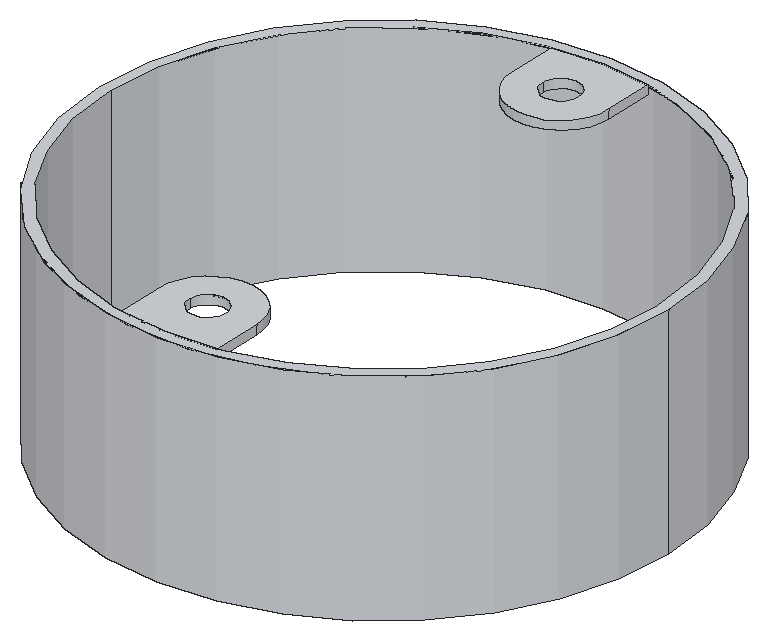
Revit family "SR25G", category Generic Models, Revit 2017
Family settings
  Can host rebar = No
  Round Connector Dimension = Use Diameter
  Part Type = Normal
  Work Plane-Based = Yes
  Always vertical = No
  Cut with Voids When Loaded = No
  Shared = No
  Room Calculation Point = No
Parameters (values of type "NBS Standard Parameters")
  Weight = "0.0575Kg"
  WarrantyStartDate [instance] = "1900-12-31T23:59:59"
  WarrantyGuarantorParts = "n/a"
  WarrantyGuarantorLabor = "n/a"
  WarrantyDurationUnit = "1 year"
  WarrantyDurationParts = "n/a"
  WarrantyDurationLabor = "n/a"
  WarrantyDescription = "n/a"
  Version = "1"
  Uniclass2 = "Pr_65_70_11_20"
  TagNumber [instance] = "n/a"
  SustainabilityPerformance = "n/a"
  Size = "25mm"
  Shape = "Circular"
  SerialNumber [instance] = "n/a"
  Revision = "n/a"
  ReplacementCost = "n/a"
  ProductInformation = "www.metpro.co.uk/pdf/sr25g.pdf"
  NominalWidth = 65 mm
  NominalLength = 65 mm
  NominalHeight = 25 mm
  Name = ""
  NBSTypeID = ""
  NBSReference = "90-55-10/460"
  NBSOfficeMasterTag = ""
  NBSNote = ""
  NBSDescription = "Conduit Fittings"
  NBSCertification = ""
  ModelReference = "SR25G"
  ModelNumber = "n/a"
  Material = "Steel"
  ManufacturerURL = "www.metpro.co.uk"
  ManufacturerName = "Metpro Ltd"
  InstallationDate [instance] = "1900-12-31T23:59:59"
  IfcExportType = ""
  IfcExportAs = ""
  Grade = "n/a"
  Finish = "BZP"
  Features = "n/a"
  ExpectedLife = "n/a"
  DurationUnit = "year"
  Description = "SR25G - 25mm Extension Ring"
  Default Elevation = 1219.2 mm
  Constituents = "n/a"
  Color = "n/a"
  CodePerformance = "n/a"
  Category = "n/a"
  BarCode [instance] = "n/a"
  BIMObjectName = "Metpro_metprolibrary_conduitfittings_metalcomponent_steelaccessories"
  Author = "Metpro Ltd"
  AssetType = ""
  AssetIdentifier [instance] = "n/a"
  AccessibilityPerformance = "n/a"
Reference planes
  plane 1 "Center (Front/Back)": y = 0
  plane 2: z = 0
  plane 3 "Center (Left/Right)": x = 0
Forms (mm)
  Extrusion 1, solid
    sketch origin (0, 0, 0) x (1, 0, 0) y (0, 1, 0)
      loop
        circle (0, 0) r 32.5
      loop
        circle (0, 0) r 31.25
    from 0 to 25
  Extrusion 2, solid
    sketch origin (0, 0, 25) x (1, 0, 0) y (0, 1, 0)
      loop
        arc (5.546, -25.174) -> (0.046, -19.674) -> (-5.454, -25.174) r 5.5
        line (-5.454, -25.174) -> (-5.454, -30.77)
        arc (-5.454, -30.77) -> (0.047, -31.25) -> (5.546, -30.754) r 31.25
        line (5.546, -30.754) -> (5.546, -25.174)
      loop
        circle (0, -25.2) r 2.1
      loop
        line (5.546, 25.174) -> (5.546, 30.754)
        arc (5.546, 30.754) -> (0.047, 31.25) -> (-5.454, 30.77) r 31.25
        line (-5.454, 30.77) -> (-5.454, 25.174)
        arc (-5.454, 25.174) -> (0.046, 19.674) -> (5.546, 25.174) r 5.5
      loop
        circle (0, 25.2) r 2.1
    from 0 to -1
  Extrusion 3, solid
    sketch origin (0, 0, 0) x (0, 1, 0) y (1, 0, 0)
      loop
        line (5.546, 25.174) -> (5.546, 30.754)
        arc (5.546, 30.754) -> (0.047, 31.25) -> (-5.454, 30.77) r 31.25
        line (-5.454, 30.77) -> (-5.454, 25.174)
        arc (-5.454, 25.174) -> (0.046, 19.674) -> (5.546, 25.174) r 5.5
      loop
        circle (0, 25.2) r 2.1
      loop
        arc (5.546, -25.174) -> (0.046, -19.674) -> (-5.454, -25.174) r 5.5
        line (-5.454, -25.174) -> (-5.454, -30.77)
        arc (-5.454, -30.77) -> (0.047, -31.25) -> (5.546, -30.754) r 31.25
        line (5.546, -30.754) -> (5.546, -25.174)
      loop
        circle (0, -25.2) r 2.1
    from 0 to -1
Dimensions and locks
  aligned and locked: level to plane 2
